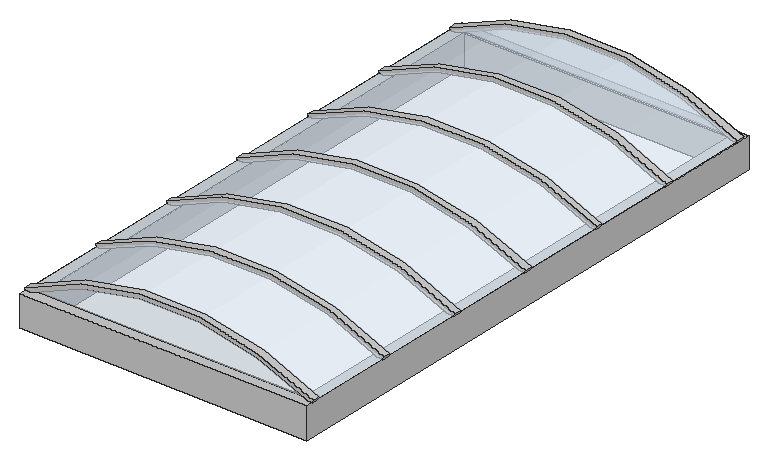
Revit family "48PM_Win_Skylight_Arc", category Okna, Revit 2022
Family settings
  Obiekt nadrzędny = Dach
  Zawsze pionowo = Nie
  Tnij formami wycięć po wczytaniu = Nie
  Współdzielony = Nie
  Punkt obliczania pomieszczeń = Tak
Parameters (values of type "SK-06 3000x6000")
  Szerokość = 3000 mm
  Komentarze typu = "SKYLIGHTS WITH POLYCARBONATE INFILL"
  Sill Material = PM_Doors_Metal_Handles
  Rough Width = Szerokość  # 3000 mm
  Rough Height = Height  # 6000 mm
  RL_Mullion_No = Length / 1000 mm + 1  # 7
  Number of Side Vent Modules = 1
  Number of Center Vent Modules = 2
  Module Width = Length / (RL_Mullion_No - 1)  # 1000 mm
  Model = "PROLIGHT"
  Producent = "MERCOR"
  MP_Ventilation = no
  MP_Type Mark = "SK-03"
  MP_Smoke release = "NIE DOTYCZY / N.A."
  MP_Remarks = "PODSTAWA: zaizolowana termicznie wełną mineralną o grubości 5,0 cm / BASE: thermally insulated 5,0 cm thick mineral wool"
  MP_Reaction to fire_class = "Broof(t1)"
  MP_Mounting = "Do podkonstrukcji stalowej / to subconstruction"
  MP_Infill = "Dwie wielokomorowe, poliwęglanowe płyty: 16mm + 10mm z dodatkową powłoką (płytą) gwarantującą klasyfikację pasma nierozprzestrzeniającą ognia oraz szczeliną powietrzną pomiędzy / Two multi-chamber, polycarbonate plates: 16mm +10mm with an additional coating (plate) guaranteering the classification of the non-spreading fire band and an air gap between"
  MP_Fall protection = "Siatka od spodu i punkty asekuracji wg specyfikacji / mesh from bottom and fixed safety pots on roof acc. to spec."
  MP_Equipment = "NIE DOTYCZY / N.A."
  MP_Description = ""
  MP_Count = 1
  MP_Base type = "PIONOWA / STRAIGHT"
  MP_Base material = "Blacha stalowa ocynkowana o grubości 1,25-3mm, malowana od wewnątrz na kolor RAL9010(Reinweiss) / 1,25-3mm galvanized steel sheet, painted inside in RAL9010(Reinweiss)"
  MP_Base height = 700 mm
  MP_Aeration = "NIE DOTYCZY / N.A."
  MP_Actuator type = "NIE DOTYCZY / N.A."
  Length = 6000 mm
  Legend_vis = no
  Keynote = "A15"
  Invisible Line Length [instance] = 5000 mm
  Height = Length  # 6000 mm
  Glass Material = PM_Glass_Ext_Skylight
  Front Vent Visibility = no
  Frame Material = PM_Doors_Metal_Handles
  Dimention Side Ventilation = Module Width * Number of Side Vent Modules  # 1000 mm
  Dimention Center Ventilation = Module Width * Number of Center Vent Modules  # 2000 mm
  Opis = "ŚWIETLIKI DACHOWE Z WYPEŁNIENIEM Z POLIWĘGLANU"
  Zdefiniuj właściwości cieplne przez = Użyj dowolnego kąta
  Cost Zone = ""
  Typ budowy = "Skylight Aluminium"
  Center Vent Visibility = no
  Cell width [instance] = 120 mm
  Back Vent Visibility = no
  Assembly Code = "A15"
  ArcRadius = 2800 mm
  ArcLength = 2240 mm
  Angle Slope = 30.00°
  Konstrukcja analityczna = "<None>"
  48PM_U Value Text = "1.0000 W/(m²·K)"
  48PM_U Value = 1.0000 W/(m²·K)
  48PM_SD_Zone = "SD-K6"
  48PM_Acz = 2.19 m²
Types (6, lengths in mm): name | Szerokość | Rough Width | Rough Height | RL_Mullion_No | Module Width | MP_Type Mark | MP_Infill | Length | Height | Dimention Side Ventilation | Dimention Center Ventilation | ArcRadius | 48PM_U Value Text | 48PM_SD_Zone
  SK-04 2400x3600 | 2400 | 2400 | 3600 | 5 | 900 | "SK-04" | "Dwie wielokomorowe, poliwęglanowe płyty: 16mm + 10mm z dodatkową powłoką (płytą) gwarantującą klasyfikację pasma nierozprzestrzeniającą ognia oraz szczeliną powietrzną pomiędzy / Two multi-chamber, polycarbonate plates: 16mm +10mm with an additional coating (plate) guaranteering the classification of the non-spreading fire band and an air gap between" | 3600 | 3600 | 900 | 1800 | 2400 | "1.0000 W/(m²·K)" | "SD-K4"
  SK-03 2800x8000 | 2800 | 2800 | 8000 | 9 | 1000 | "SK-03" | "Dwie wielokomorowe, poliwęglanowe płyty: 16mm + 10mm z dodatkową powłoką (płytą) gwarantującą klasyfikację pasma nierozprzestrzeniającą ognia oraz szczeliną powietrzną pomiędzy / Two multi-chamber, polycarbonate plates: 16mm +10mm with an additional coating (plate) guaranteering the classification of the non-spreading fire band and an air gap between" | 8000 | 8000 | 1000 | 2000 | 2800 | "1.0000 W/(m²·K)" | "SD-K3"
  SK-01 3600x13200 | 3600 | 3600 | 13200 | 14 | 1015.385 | "SK-03" | "Dwie wielokomorowe, poliwęglanowe płyty: 16mm + 10mm z dodatkową powłoką (płytą) gwarantującą klasyfikację pasma nierozprzestrzeniającą ognia oraz szczeliną powietrzną pomiędzy / Two multi-chamber, polycarbonate plates: 16mm +10mm with an additional coating (plate) guaranteeing the classification of the non-spreading fire band and an air gap between" | 13200 | 13200 | 1015.385 | 2030.769 | 3600 | "" | "SD-K1"
  SK-02 3600x6000 | 3600 | 3600 | 6000 | 7 | 1000 | "SK-02" | "Dwie wielokomorowe, poliwęglanowe płyty: 16mm + 10mm z dodatkową powłoką (płytą) gwarantującą klasyfikację pasma nierozprzestrzeniającą ognia oraz szczeliną powietrzną pomiędzy / Two multi-chamber, polycarbonate plates: 16mm +10mm with an additional coating (plate) guaranteering the classification of the non-spreading fire band and an air gap between" | 6000 | 6000 | 1000 | 2000 | 3600 | "1.0000 W/(m²·K)" | "SD-K2"
  SK-06 3000x6000 | 3000 | 3000 | 6000 | 7 | 1000 | "SK-03" | "Dwie wielokomorowe, poliwęglanowe płyty: 16mm + 10mm z dodatkową powłoką (płytą) gwarantującą klasyfikację pasma nierozprzestrzeniającą ognia oraz szczeliną powietrzną pomiędzy / Two multi-chamber, polycarbonate plates: 16mm +10mm with an additional coating (plate) guaranteering the classification of the non-spreading fire band and an air gap between" | 6000 | 6000 | 1000 | 2000 | 2800 | "1.0000 W/(m²·K)" | "SD-K6"
  SK-05 2800x7000 | 2800 | 2800 | 7000 | 8 | 1000 | "SK-03" | "Dwie wielokomorowe, poliwęglanowe płyty: 16mm + 10mm z dodatkową powłoką (płytą) gwarantującą klasyfikację pasma nierozprzestrzeniającą ognia oraz szczeliną powietrzną pomiędzy / Two multi-chamber, polycarbonate plates: 16mm +10mm with an additional coating (plate) guaranteering the classification of the non-spreading fire band and an air gap between" | 7000 | 7000 | 1000 | 2000 | 2800 | "1.0000 W/(m²·K)" | "SD-K5"
Reference planes
  plane 1 "Center (Front/Back)": y = 0
  plane 2 "Roof": z = 4000
  plane 3 "Center (Left/Right)": x = 0
  plane 4 "FrontGlass": y = -3000
  plane 5 "RearGlass": y = 3000
  plane 6: z = 4735
  plane 7: x = -1500
  plane 8: x = 1500
  plane 9: x = -1620
  plane 10: x = 1620
  plane 11: y = 2000
  plane 12: y = -2000
  plane 13: x = -1450
  plane 14: x = 1450
  plane 15: y = 2050
  plane 16: y = 2950
  plane 17: y = -2050
  plane 18: y = -2950
  plane 19: y = 1000
  plane 20: y = -1000
  plane 21: y = -950
  plane 22: y = 950
  plane 23 "Plaszczyzna symboli": z = 5235
  plane 24 "2": y = -4200
  plane 25: x = 0
Forms (mm)
  Sweep 1, solid, material "PM_Doors_Metal_Handles" <- "Sill Material"
    path origin (0, 0, 4000) x (1, 0, 0) y (0, 1, 0)
      loop
        line (1500, 3000) -> (-1500, 3000) -> (-1500, -3000) -> (1500, -3000) -> (1500, 3000)
    profile origin (1500, 0, 4000) x (1, 0, 0) y (0, 0, 1)
      loop
        line (0, 385) -> (120, 385) -> (120, 735) -> (0, 735) -> (0, 385)
  Sweep 2, solid, material "PM_Glass_Ext_Skylight" <- "Glass Material"
    path origin (0, 0, 0) x (1, 0, 0) y (0, 0, 1)
      loop
        arc (-1620, 4735) -> (0, 5125.214) -> (1620, 4735) r 3557.88
    profile origin (0, 0, 5125.214) x (0, 0, 1) y (0, -1, 0)
      loop
        line (0, -3000) -> (0, 3000) -> (-15, 3000) -> (-15, -3000) -> (0, -3000)
  Extrusion 3, solid, material "PM_Glass_Ext_Skylight" <- "Glass Material"
    sketch origin (0, 3000, 0) x (0, 0, -1) y (-1, 0, 0)
      loop
        arc (-4735, 1620) -> (-5125.214, 0) -> (-4735, -1620) r 3557.88
        line (-4735, -1620) -> (-4735, 1620)
    from 0 to 15
  Extrusion 4, solid, material "PM_Glass_Ext_Skylight" <- "Glass Material"
    sketch origin (-5800, -3000, 5200) x (-1, 0, 0) y (0, 0, 1)
      loop
        arc (-4180, -465) -> (-5800, -74.786) -> (-7420, -465) r 3557.88
        line (-7420, -465) -> (-4180, -465)
    from 0 to -15
Lines and regions (mm)
  Opening 1
    outline origin (0, 0, 4385) x (0, 1, 0) y (-1, 0, 0)
      loop
        line (3000, 1500) -> (-3000, 1500) -> (-3000, -1500) -> (3000, -1500) -> (3000, 1500)
  model lines, style "WindowsOpeningProjection"
    curve 1: line (1500, -3000, 4000) -> (-1500, -3000, 4000)
    curve 2: line (1500, 3000, 4000) -> (1500, -3000, 4000)
    curve 3: line (-1500, 3000, 4000) -> (1500, 3000, 4000)
    curve 4: line (-1500, -3000, 4000) -> (-1500, 3000, 4000)
    curve 5: line (-1500, -3000, 4000) -> (1500, 3000, 4000)
    curve 6: line (-1500, 3000, 4000) -> (1500, -3000, 4000)
  model lines, style "InvisibleLines"
    curve 7: line (0, 0, 4000) -> (0, 0, -1000)
  model lines, style "Skylight Ventilation", visible <- "Back Vent Visibility"
    curve 8: line (-1450, 2950, 5235) -> (1450, 2050, 5235)
    curve 9: line (1450, 2950, 5235) -> (-1450, 2050, 5235)
    curve 10: line (-1450, 2950, 5235) -> (1450, 2950, 5235)
    curve 11: line (1450, 2050, 5235) -> (1450, 2950, 5235)
    curve 12: line (-1450, 2050, 5235) -> (1450, 2050, 5235)
    curve 13: line (-1450, 2050, 5235) -> (-1450, 2950, 5235)
  model lines, style "Skylight Ventilation", visible <- "Front Vent Visibility"
    curve 14: line (-1450, -2950, 5235) -> (1450, -2050, 5235)
    curve 15: line (1450, -2950, 5235) -> (-1450, -2050, 5235)
    curve 16: line (-1450, -2950, 5235) -> (1450, -2950, 5235)
    curve 17: line (1450, -2050, 5235) -> (1450, -2950, 5235)
    curve 18: line (-1450, -2050, 5235) -> (1450, -2050, 5235)
    curve 19: line (-1450, -2050, 5235) -> (-1450, -2950, 5235)
  model lines, style "Skylight Ventilation", visible <- "Center Vent Visibility"
    curve 20: line (-1450, 950, 5235) -> (1450, 950, 5235)
    curve 21: line (-1450, -950, 5235) -> (-1450, 950, 5235)
    curve 22: line (-1450, -950, 5235) -> (1450, -950, 5235)
    curve 23: line (1450, -950, 5235) -> (1450, 950, 5235)
    curve 24: line (-1450, 950, 5235) -> (1450, -950, 5235)
    curve 25: line (1450, 950, 5235) -> (-1450, -950, 5235)
Dimensions and locks
  equal spacing: host sketch curve, plane 3 "Center (Left/Right)", host sketch curve
  equal spacing: host sketch curve, plane 1 "Center (Front/Back)", host sketch curve
  host roof to host roof = 385 mm
  "Length": Sweep 2 sketch curve to Sweep 2 sketch curve
  equal spacing: Sweep 2 sketch curve, plane 1 "Center (Front/Back)", Sweep 2 sketch curve
  plane 1 "Center (Front/Back)" to plane 4 "FrontGlass" = 3000 mm
  plane 5 "RearGlass" to plane 1 "Center (Front/Back)" = 3000 mm
  Extrusion 3 to plane 5 "RearGlass" = 15 mm
  locked: plane 6 to host roof at 350
  equal spacing: plane 7, plane 3 "Center (Left/Right)", plane 8
  "Szerokość": plane 7 to plane 8
  locked: plane 10 to plane 8 at 120
  locked: plane 9 to plane 7 at 120
  "Length": plane 5 "RearGlass" to plane 4 "FrontGlass"
  equal spacing: plane 5 "RearGlass", plane 1 "Center (Front/Back)", plane 4 "FrontGlass"
  equal spacing: group 1, group 3, group 4, group 5, group 6, group 7, group 2  (x3)
  "Invisible Line Length": curve 7 to curve 7
  "Dimention Side Ventilation": plane 5 "RearGlass" to plane 11
  "Dimention Side Ventilation": plane 12 to plane 4 "FrontGlass"
  locked: plane 7 to plane 13 at 50
  locked: plane 14 to plane 8 at 50
  locked: plane 5 "RearGlass" to plane 16 at 50
  locked: plane 15 to plane 11 at 50
  locked: plane 12 to plane 17 at 50
  locked: plane 4 "FrontGlass" to plane 18 at 50
  locked: plane 19 to plane 22 at 50
  locked: plane 21 to plane 20 at 50
  equal spacing: plane 19, plane 1 "Center (Front/Back)", plane 20
  "Dimention Center Ventilation": plane 19 to plane 20
  plane 23 "Plaszczyzna symboli" to plane 6 = 500 mm
  locked: plane 4 "FrontGlass" to plane 24 "2" at 1200
  aligned and locked: level to plane 2 "Roof"
  aligned and locked: Sweep 1 sketch curve to plane 5 "RearGlass"
  aligned and locked: Sweep 1 sketch curve to plane 4 "FrontGlass"
  aligned and locked: plane 3 "Center (Left/Right)" to nested 1
  aligned and locked: nested 1 to plane 4 "FrontGlass"
  aligned and locked: nested 2 to plane 5 "RearGlass"
  aligned and locked: curve 1 to Sweep 1
  aligned and locked: curve 2 to Sweep 1
  aligned and locked: curve 3 to Sweep 1
  aligned and locked: curve 4 to Sweep 1
  aligned and locked: curve 7 to plane 1 "Center (Front/Back)"
  aligned and locked: curve 7 to plane 3 "Center (Left/Right)"
  aligned and locked: plane 2 "Roof" to curve 7
  aligned and locked: plane 6 to nested 2
  aligned and locked: plane 6 to nested 1
  aligned and locked: plane 14 to curve 9
  aligned and locked: plane 13 to curve 8
  aligned and locked: curve 10 to plane 16
  aligned and locked: curve 11 to plane 14
  aligned and locked: curve 12 to plane 15
  aligned and locked: curve 13 to plane 13
  aligned and locked: plane 17 to curve 18
  aligned and locked: plane 14 to curve 17
  aligned and locked: plane 13 to curve 19
  aligned and locked: plane 18 to curve 16
  aligned and locked: curve 20 to plane 22
  aligned and locked: curve 21 to plane 13
  aligned and locked: curve 22 to plane 21
  aligned and locked: curve 23 to plane 14
  aligned and locked: Extrusion 4 sketch curve to Sweep 2
  aligned and locked: host roof to Sweep 1 sketch curve
  aligned and locked: Opening 1 sketch curve to plane 5 "RearGlass"
  aligned and locked: Opening 1 sketch curve to plane 4 "FrontGlass"
  aligned and locked: Opening 1 sketch curve to plane 7
  aligned and locked: plane 8 to Opening 1 sketch curve
  aligned and locked: nested 6 to plane 24 "2"
  aligned and locked: nested 6 to plane 3 "Center (Left/Right)"
Automatic sketch dimensions
  Sweep 1 sketch curve to plane 7 = 0 mm
  Sweep 1 sketch curve to plane 8 = 0 mm
  Sweep 2 sketch curve to plane 6 = 0 mm  (x2)
  plane 9 to Sweep 2 sketch curve = 0 mm
  Sweep 2 sketch curve to plane 3 "Center (Left/Right)" = 0 mm
  level to Sweep 2 sketch curve = 1567.334 mm
  Extrusion 4 sketch curve to plane 6 = 0 mm
  level to Extrusion 3 sketch curve = 1567.334 mm
  Extrusion 3 sketch curve to plane 6 = 0 mm
  plane 10 to Extrusion 3 sketch curve = 0 mm
  Extrusion 3 sketch curve to plane 3 "Center (Left/Right)" = 0 mm
  profile plane to Sweep 1 sketch curve = 0 mm
  Sweep 1 sketch curve to profile plane = 120 mm
  Sweep 1 sketch curve to Sweep 1 sketch curve = 350 mm
  profile plane to Sweep 2 sketch curve = 0 mm
  Sweep 2 sketch curve to Sweep 2 sketch curve = 15 mm
Nested families
  nested 1: "Mullion" at (53.538, -3000, 0), type "Mullion"
  nested 2: "Mullion" at (53.538, 3000, 0), type "Mullion"
  nested 3: "Mullion" at (53.538, -2000, 0), type "Mullion"
  nested 4: "Mullion" at (53.538, -1000, 0), type "Mullion"
  nested 5: "Mullion" at (53.538, 0, 0), type "Mullion"
  nested 6: "MP_Windows_legend" at (0, -4200, 4000), Legend_vis <- "Legend_vis", Cell width <- "Cell width", MP_Count <- "MP_Count", type "MP_Windows_legend"
    with MP_Count 1, Legend_vis no, Cell width 120 mm
  nested 7: "Mullion" at (53.538, 1000, 0), type "Mullion"
  nested 8: "Mullion" at (53.538, 2000, 0), type "Mullion"
Definition of nested family "Mullion"
  Parameters (values of type "Mullion")
    Width = 3000 mm
    PM - Mullion Material = none
    Arc Radius = 3451.233 mm
    Analytic Construction = "<None>"
  Reference planes
    plane 1: y = 0
    plane 2: x = -53.538
    plane 3: x = -1553.538
    plane 4: x = 1446.462
    plane 5: x = -53.538
    plane 6: z = 4400
    plane 7: z = 4000
    plane 8: z = 4735
    plane 9: x = -1673.538
    plane 10: x = 1566.462
  Forms (mm)
    Sweep 1, solid, material <- "PM - Mullion Material"
      path origin (-1524, 0, 0) x (1, 0, 0) y (0, 0, 1)
        loop
          arc (-149.538, 4735) -> (1470.462, 5138.839) -> (3090.462, 4735) r 3451.233
      profile origin (-53.538, 0, 5138.839) x (0, 0, 1) y (0, -1, 0)
        loop
          line (25, 40) -> (-25, 40) -> (-25, -40) -> (25, -40) -> (25, 40)
  Lines and regions (mm)
    reference lines
      curve 1: arc (-1673.538, 0, 4735) -> (-53.538, 0, 5138.839) -> (1566.462, 0, 4735) r 3451.233
  Dimensions and locks
    "Width": plane 4 to plane 3
    locked: plane 3 to plane 9 at 120
    locked: plane 10 to plane 4 at 120
    equal spacing: plane 4, plane 2, plane 3
    "Arc Radius": radius of curve 1
    aligned and locked: Sweep 1 sketch curve to curve 1
    aligned and locked: plane 9 to curve 1
    aligned and locked: plane 8 to curve 1  (x2)
    aligned and locked: plane 10 to curve 1
  Automatic sketch dimensions
    Sweep 1 sketch curve to plane 8 = 0 mm  (x2)
    profile plane to Sweep 1 sketch curve = 25 mm
    Sweep 1 sketch curve to profile plane = 25 mm
    Sweep 1 sketch curve to plane 1 = 40 mm
    plane 1 to Sweep 1 sketch curve = 40 mm
Definition of nested family "MP_Windows_legend"
  Parameters (values of type "MP_Windows_legend")
    _Width = 3000 mm
    _Height = 6000 mm
    MP_Ventilation = no
    MP_Type comments = "SKYLIGHTS WITH POLYCARBONATE INFILL"
    MP_Type Mark = "SK-03"
    MP_Smoke release = "NIE DOTYCZY / N.A."
    MP_Remarks = "PODSTAWA: zaizolowana termicznie wełną mineralną o grubości 5,0 cm / BASE: thermally insulated 5,0 cm thick mineral wool"
    MP_Reaction to fire_class = "Broof(t1)"
    MP_Mounting = "Do podkonstrukcji stalowej / to subconstruction"
    MP_Model = "PROLIGHT"
    MP_Manufacturer = "MERCOR"
    MP_Infill = "Dwie wielokomorowe, poliwęglanowe płyty: 16mm + 10mm z dodatkową powłoką (płytą) gwarantującą klasyfikację pasma nierozprzestrzeniającą ognia oraz szczeliną powietrzną pomiędzy / Two multi-chamber, polycarbonate plates: 16mm +10mm with an additional coating (plate) guaranteering the classification of the non-spreading fire band and an air gap between"
    MP_Fall protection = "Siatka od spodu i punkty asekuracji wg specyfikacji / mesh from bottom and fixed safety pots on roof acc. to spec."
    MP_Equipment = "NIE DOTYCZY / N.A."
    MP_Design Stage = ""
    MP_Description_ = "ŚWIETLIKI DACHOWE Z WYPEŁNIENIEM Z POLIWĘGLANU"
    MP_Description = ""
    MP_Count [instance] = 0
    MP_Base type = "PIONOWA / STRAIGHT"
    MP_Base material = "Blacha stalowa ocynkowana o grubości 1,25-3mm, malowana od wewnątrz na kolor RAL9010(Reinweiss) / 1,25-3mm galvanized steel sheet, painted inside in RAL9010(Reinweiss)"
    MP_Base height = 700 mm
    MP_Aeration = "NIE DOTYCZY / N.A."
    MP_Actuator type = "NIE DOTYCZY / N.A."
    Legend_vis [instance] = no
    Cost Zone = ""
    Cell width [instance] = 120 mm
    48PM_U Value Text = "1.0000 W/(m²·K)"
    48PM_SD_Zone = "SD-K6"
    48PM_Acz = 2.19 m²
  Reference planes
    plane 1: y = 0
    plane 2: x = 0
  Lines and regions (mm)
    detail lines
      curve 1: line (-60, 0, 0) -> (60, 0, 0)
      curve 2: line (-60, -12, 0) -> (60, -12, 0)
      curve 3: line (-60, -12, 0) -> (-60, 0, 0)
      curve 4: line (60, 0, 0) -> (60, -12, 0)
      curve 5: line (-60, -24, 0) -> (60, -24, 0)
      curve 6: line (-60, -24, 0) -> (-60, -12, 0)
      curve 7: line (60, -12, 0) -> (60, -24, 0)
      curve 8: line (-60, -66, 0) -> (60, -66, 0)
      curve 9: line (-60, -66, 0) -> (-60, -24, 0)
      curve 10: line (60, -24, 0) -> (60, -66, 0)
      curve 11: line (-60, -92.8, 0) -> (60, -92.8, 0)
      curve 12: line (-60, -92.8, 0) -> (-60, -66, 0)
      curve 13: line (60, -66, 0) -> (60, -92.8, 0)
      curve 14: line (-60, -107.6, 0) -> (60, -107.6, 0)
      curve 15: line (-60, -107.6, 0) -> (-60, -92.8, 0)
      curve 16: line (60, -92.8, 0) -> (60, -107.6, 0)
      curve 17: line (-60, -131.6, 0) -> (60, -131.6, 0)
      curve 18: line (-60, -131.6, 0) -> (-60, -107.6, 0)
      curve 19: line (60, -107.6, 0) -> (60, -131.6, 0)
      curve 20: line (-60, -155.6, 0) -> (60, -155.6, 0)
      curve 21: line (-60, -155.6, 0) -> (-60, -131.6, 0)
      curve 22: line (60, -131.6, 0) -> (60, -155.6, 0)
      curve 23: line (-60, -197.6, 0) -> (60, -197.6, 0)
      curve 24: line (-60, -197.6, 0) -> (-60, -155.6, 0)
      curve 25: line (60, -155.6, 0) -> (60, -197.6, 0)
      curve 26: line (-60, -209.6, 0) -> (60, -209.6, 0)
      curve 27: line (-60, -209.6, 0) -> (-60, -197.6, 0)
      curve 28: line (60, -197.6, 0) -> (60, -209.6, 0)
      curve 29: line (-60, -251.6, 0) -> (60, -251.6, 0)
      curve 30: line (-60, -251.6, 0) -> (-60, -209.6, 0)
      curve 31: line (60, -209.6, 0) -> (60, -251.6, 0)
      curve 32: line (-60, -263.6, 0) -> (60, -263.6, 0)
      curve 33: line (-60, -263.6, 0) -> (-60, -251.6, 0)
      curve 34: line (60, -251.6, 0) -> (60, -263.6, 0)
      curve 35: line (-60, -275.6, 0) -> (60, -275.6, 0)
      curve 36: line (-60, -275.6, 0) -> (-60, -263.6, 0)
      curve 37: line (60, -263.6, 0) -> (60, -275.6, 0)
      curve 38: line (-60, -299.6, 0) -> (60, -299.6, 0)
      curve 39: line (-60, -299.6, 0) -> (-60, -275.6, 0)
      curve 40: line (60, -275.6, 0) -> (60, -299.6, 0)
      curve 41: line (-60, -78, 0) -> (60, -78, 0)
      curve 42: line (-60, -239.6, 0) -> (60, -239.6, 0)
      curve 43: line (-60, -227.6, 0) -> (60, -227.6, 0)
      curve 44: line (-60, -42, 0) -> (60, -42, 0)
      curve 45: line (-60, -54, 0) -> (60, -54, 0)
  Text (mm)
    label "1500 x  2000" at (1.358, -18.209, 0), shows "_Width", "_Height"
    label "2.19 " at (1.358, -33.118, 0), shows "48PM_Acz"
    label "1.1000 W/(m2*K)" at (1.358, -71.959, 0), shows "48PM_U Value Text"
    label "fnwevouwergvdnsithnfgjv jasdnhwaglvbdebsjahbgbnvjkdsbnfcsevbretgazehb weatzgh" at (1.358, -278.179, 0), shows "MP_Remarks"
    label "MP_Manufacturer" at (1.358, -257.472, 0), shows "MP_Manufacturer"
    label "MP_Model" at (1.358, -269.91, 0), shows "MP_Model"
    text "\t\tILOŚĆ / AMOUNT" at (-68.871, -5.699, 0), not visible
    text "CLEAR DIMENSION (WxL) / WYMIAR W ŚWIETLE (mm)" at (-68.871, -18.209, 0), not visible
    text "POWIERZCHNIA CZYNNA ODDYMIANIA Acz / ACTIVE EXHAUST AREA Acz (m2)" at (-68.871, -32.084, 0), not visible
    text "IZOLACYJNOŚĆ TERMICZNA / U VALUE" at (-68.871, -72.084, 0), not visible
    text "WYSOKOŚĆ PODSTAWY / BASE HEIGHT (mm)" at (-68.871, -100.764, 0), not visible
    text "MATERIAŁ PODSTAWY /   BASE MATERIAL" at (-68.871, -118.419, 0), not visible
    text "KLASA REAKCJI NA OGIEŃ (zgodnie z PN - EN 13501-1) / REACTION TO FIRE TEST CLASSIFICATION" at (-68.871, -144.799, 0), not visible
    text "WYPEŁNIENIE / INFILL" at (-68.871, -162.111, 0), not visible
    text "MOCOWANIE / MOUNTING" at (-68.871, -203.299, 0), not visible
    text "ZABIEZPIECZENIE PRZED UPADKIEM / FALL PROTECTION" at (-68.871, -245.549, 0), not visible
    text "PRODUCENT / MANUFACTURER" at (-68.871, -257.924, 0), not visible
    text "MODEL / MODEL" at (-68.871, -269.592, 0), not visible
    text "UWAGI/ REMARKS" at (-68.871, -287.549, 0), not visible
    text "TYP PODSTAWY / BASE TYPE" at (-68.871, -85.339, 0), not visible
    text "TYP SIŁOWNIKA / ACTUATOR TYPE" at (-68.871, -217.799, 0), not visible
    text "WYPOSAŻENIE / EQUIPMENT" at (-68.871, -233.299, 0), not visible
    label "MP_Smoke release" at (1.358, -47.959, 0), shows "MP_Smoke release"
    text "WYZWALANIE ODDYMIANIA / SMOKE RELEASE" at (-68.871, -48.084, 0), not visible
    label "MP_Ventilation" at (1.358, -59.959, 0), shows "MP_Ventilation"
    text "FUNKCJA PRZEWIETRZANIA / VENTILATION" at (-68.871, -60.084, 0), not visible
    label "MP_Base type" at (1.358, -85.209, 0), shows "MP_Base type"
    label "MP_Base height" at (1.358, -100.009, 0), shows "MP_Base height"
    label "MP_Base material" at (1.358, -111.179, 0), shows "MP_Base material"
    label "MP_Reaction to fire_class" at (1.358, -133.929, 0), shows "MP_Reaction to fire_class"
    label "MP_Infill" at (1.358, -157.929, 0), shows "MP_Infill"
    label "MP_Mounting" at (1.358, -203.559, 0), shows "MP_Mounting"
    label "MP_Actuator type" at (1.358, -211.929, 0), shows "MP_Actuator type"
    label "MP_Equipment" at (1.358, -233.559, 0), shows "MP_Equipment"
    label "MP_Fall protection" at (1.358, -245.559, 0), shows "MP_Fall protection"
  Dimensions and locks
    equal spacing: curve 3, plane 2, curve 4
    "Cell width": curve 3 to curve 4
    aligned and locked: plane 1 to curve 1
  Automatic sketch dimensions
    plane 1 to curve 6 = 12 mm
    curve 5 to curve 2 = 12 mm
    curve 12 to curve 5 = 42 mm
    curve 15 to curve 8 = 26.8 mm
    curve 19 to curve 11 = 14.8 mm
    curve 18 to curve 14 = 24 mm
    curve 25 to curve 17 = 24 mm
    curve 23 to curve 20 = 42 mm
    curve 26 to curve 23 = 12 mm
    curve 31 to curve 26 = 42 mm
    curve 36 to curve 29 = 12 mm
    curve 37 to curve 32 = 12 mm
    curve 39 to curve 35 = 24 mm
    curve 44 to curve 5 = 18 mm
    curve 8 to curve 45 = 12 mm
    curve 41 to curve 8 = 12 mm
    curve 43 to curve 26 = 18 mm
    curve 29 to curve 42 = 12 mm
